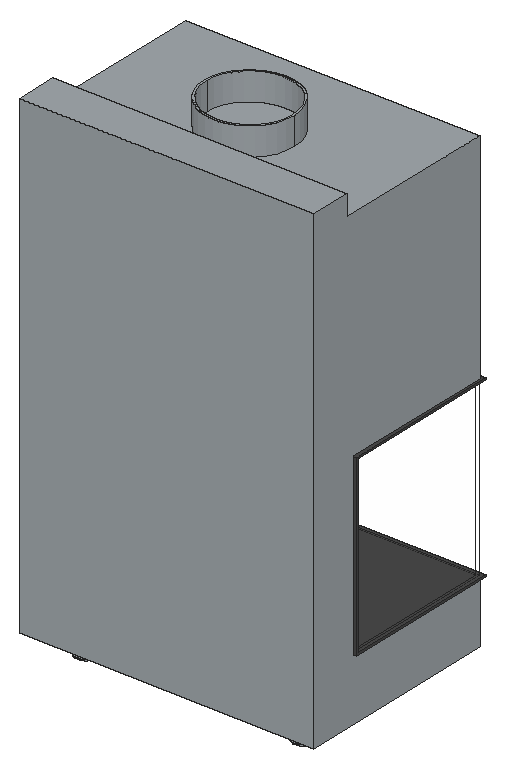
Revit family "METALFIRE_ULTIMATE_D_MF_WHE_3S", category Mechanical Equipment, host Wall, Revit 2017
Family settings
  Host = Wall
  Round Connector Dimension = Use Diameter
  Part Type = Normal
  OmniClass Number = 23.75.00.00
  OmniClass Title = Climate Control (HVAC)
  Always vertical = Yes
  Cut with Voids When Loaded = No
  Shared = No
  Room Calculation Point = Yes
Parameters (values of type "800 x 500 mm")
  WIDTH = 868 mm
  WEIGHT = 320.00 kg
  URL = "https://www.metalfire.eu"
  TECHNICAL SHEET = "https://www.metalfire.eu/en/products/wood-fireplaces/ultime-d"
  SMOKE EXHAUST = "Ø250 mm"
  PRODUCT SHEET = "https://www.archiproducts.com/en/products/metalfire/wood-burning-3-sided-fireplace-ultime-d-3-sided-fireplace_456406"
  PRODUCT CODE = "MF 800-50 WHE 3S"
  OVERALL WIDTH = 868 mm
  OVERALL HEIGHT = 1443 mm
  OVERALL DEPTH = 608 mm
  OUTPUT = 16.0 kW
  Number [instance] = (WIDTH / 20 mm) - 2  # 41
  Model = "Ultime D"
  Manufacturer = "Metalfire"
  MATERIAL DESCRIPTION = "Iron, galvanized steel and vermiculite plates"
  HEIGHT = 504 mm
  FRAME MATERIAL = Iron - Metalfire
  FINISHING MATERIAL = Black painted vermiculite plates - Metalfire
  FINE DUST EMISSION = "10 mg/Nm3"
  ENERGY EFFICIENCY CLASS = "A+"
  EFFICIENCY = 82.00%
  Description = "This generation of room air independent wood fireplaces with liftable door is equipped with a dynamic combustion technique that ensures optimal combustion and high efficiency."
  DEPTH = 461 mm
  CO EMISSION = 0.09%
  BIM USER MANUAL = "https://img.edilportale.com/bim/METALFIRE-BIM-USER-MANUAL-Metalfire-bim.pdf"
  BIM BADGE = "https://bim.archiproducts.com/en/badge/bim-archiproducts-featured_658700/about"
  BIM AUTHOR = "https://bim.archiproducts.com"
Types (2, lengths in mm): name | WIDTH | PRODUCT CODE | OVERALL WIDTH | OUTPUT | Number | FINE DUST EMISSION
  800 x 500 mm | 868 | "MF 800-50 WHE 3S" | 868 | 16.0 kW | 41 | "10 mg/Nm3"
  1050 x 500 mm | 1118 | "MF 1050-50 WHE 3S" | 1118 | 17.0 kW | 54 | "27 mg/Nm3"
Reference planes
  plane 1 "Wall": y = 0
  plane 2 "Center (Left/Right)": x = 0
  plane 3 "Back": y = 400
  plane 4: x = 434
  plane 5: x = -434
  plane 6: z = 245
  plane 7: z = 749
  plane 8: z = 1443
  plane 9: x = -314
  plane 10: x = 314
  plane 11: x = -414
  plane 12: x = -394
Forms (mm)
  Extrusion 1, void
    sketch origin (0, 400, 0) x (1, 0, 0) y (0, 0, 1)
      loop
        line (434, 240) -> (434, 754) -> (-439, 754) -> (-439, 240) -> (434, 240)
    from 0 to 466
  Extrusion 2, void
    sketch origin (0, 0, 0) x (0, 1, 0) y (0, 0, 1)
      loop
        line (390, 1463) -> (-208, 1463) -> (-208, 0) -> (390, 0) -> (390, 1463)
    from -424 to 424
  Extrusion 3, solid, material "Black painted vermiculite plates - Metalfire" <- "FINISHING MATERIAL", detail levels medium+fine
    sketch origin (0, 400, 0) x (1, 0, 0) y (0, 0, 1)
      loop
        line (434, 245) -> (-434, 245) -> (-434, 240) -> (434, 240) -> (434, 245)
      loop
        line (434, 749) -> (434, 754) -> (-434, 754) -> (-434, 749) -> (434, 749)
    from 0 to 466
  Extrusion 4, solid, material "Black painted vermiculite plates - Metalfire" <- "FINISHING MATERIAL", detail levels medium+fine
    sketch origin (-424.5, -1068.817, 4000) x (0, 1, 0) y (0, 0, 1)
      loop
        line (1002.817, -3755) -> (1007.817, -3755) -> (1007.817, -3251) -> (1002.817, -3251) -> (1002.817, -3755)
    from -9.5 to 858.5
  Extrusion 5, solid, material "Iron - Metalfire" <- "FRAME MATERIAL", detail levels fine
    sketch origin (-429.5, -1068.817, 4000) x (0, 1, 0) y (0, 0, 1)
      loop
        line (860.817, -2557) -> (860.817, -3940) -> (980.817, -3940) -> (980.817, -2557) -> (860.817, -2557)
    from 5.5 to 853.5
  Extrusion 6, solid, material "Iron - Metalfire" <- "FRAME MATERIAL", detail levels fine
    sketch origin (-424.5, -1068.817, 4000) x (0, 1, 0) y (0, 0, 1)
      loop
        line (980.817, -3940) -> (1458.817, -3940) -> (1458.817, -3760) -> (1002.817, -3760) -> (1002.817, -3246) -> (1458.817, -3246) -> (1458.817, -2617) -> (980.817, -2617) -> (980.817, -3940)
    from 0.5 to 848.5
  Extrusion 7, solid, material "Iron - Metalfire" <- "FRAME MATERIAL", detail levels fine
    sketch origin (0, 0, 0) x (1, 0, 0) y (0, 1, 0)
      loop
        circle (0, 91) r 125
      loop
        circle (0, 91) r 130
    from 1383 to 1463
  Revolve 8, solid, material "Iron - Metalfire" <- "FRAME MATERIAL", detail levels fine
    sketch origin (-314, -119.985, 4000) x (0, -1, 0) y (0, 0, 1)
      loop
        line (-419.471, -4000) -> (-419.471, -3940) -> (-427.471, -3940) -> (-427.471, -3984) -> (-431.471, -3984) -> (-431.471, -3994) -> (-425.537, -3994) -> (-431.971, -3997) -> (-449.471, -3997) -> (-449.471, -3999) -> (-447.471, -4000) -> (-419.471, -4000)
      axis (-419.471, -4000) -> (-419.471, -3940)
    angle from 0 to 360
  Revolve 9, solid, material "Iron - Metalfire" <- "FRAME MATERIAL", detail levels fine
    sketch origin (-314, -527.456, 4000) x (0, -1, 0) y (0, 0, 1)
      loop
        line (-419.471, -4000) -> (-419.471, -3940) -> (-427.471, -3940) -> (-427.471, -3984) -> (-431.471, -3984) -> (-431.471, -3994) -> (-425.537, -3994) -> (-431.971, -3997) -> (-449.471, -3997) -> (-449.471, -3999) -> (-447.471, -4000) -> (-419.471, -4000)
      axis (-419.471, -4000) -> (-419.471, -3940)
    angle from 0 to 360
  Revolve 10, solid, material "Iron - Metalfire" <- "FRAME MATERIAL", detail levels fine
    sketch origin (314, -119.985, 4000) x (0, -1, 0) y (0, 0, 1)
      loop
        line (-419.471, -4000) -> (-419.471, -3940) -> (-427.471, -3940) -> (-427.471, -3984) -> (-431.471, -3984) -> (-431.471, -3994) -> (-425.537, -3994) -> (-431.971, -3997) -> (-449.471, -3997) -> (-449.471, -3999) -> (-447.471, -4000) -> (-419.471, -4000)
      axis (-419.471, -4000) -> (-419.471, -3940)
    angle from 0 to 360
  Revolve 11, solid, material "Iron - Metalfire" <- "FRAME MATERIAL", detail levels fine
    sketch origin (314, -527.456, 4000) x (0, -1, 0) y (0, 0, 1)
      loop
        line (-419.471, -4000) -> (-419.471, -3940) -> (-427.471, -3940) -> (-427.471, -3984) -> (-431.471, -3984) -> (-431.471, -3994) -> (-425.537, -3994) -> (-431.971, -3997) -> (-449.471, -3997) -> (-449.471, -3999) -> (-447.471, -4000) -> (-419.471, -4000)
      axis (-419.471, -4000) -> (-419.471, -3940)
    angle from 0 to 360
  Extrusion 12, solid, material "Clear Glass - Metalfire", detail levels medium+fine
    sketch origin (0, 0, 0) x (1, 0, 0) y (0, 1, 0)
      loop
        line (-424, 390) -> (-424, -61) -> (-419, -61) -> (-419, 385) -> (419, 385) -> (419, -61) -> (424, -61) -> (424, 390) -> (-424, 390)
    from 245 to 749
Cuts and joins
  joined: Extrusion 3, Extrusion 4
  joined: Extrusion 5, Extrusion 6
Text (mm)
  text "Placement side" at (-1820.995, 1116.779, 0), in view "Ref. Level"
  text "Placement side" at (0, 1334.055, 2976.191), in view "Left"
  text "Placement side" at (0, 439.194, 2944.362), in view "Right"
Dimensions and locks
  locked: plane 3 "Back" to host wall
  equal spacing: plane 5, plane 2 "Center (Left/Right)", plane 4
  "WIDTH": plane 5 to plane 4
  locked: level to plane 6 at 245
  "HEIGHT": plane 6 to plane 7
  locked: Extrusion 3 sketch curve to Extrusion 3 sketch curve at 5  (x2)
  locked: Extrusion 3 to plane 3 "Back" at 466
  locked: Extrusion 4 sketch curve to Extrusion 4 sketch curve at 5
  "OVERALL HEIGHT": level to plane 8
  locked: Extrusion 5 sketch curve to Extrusion 5 sketch curve at 120
  locked: Extrusion 5 sketch curve to level at 60
  locked: Extrusion 5 sketch curve to plane 3 "Back" at 608
  locked: Extrusion 5 to plane 5 at 10
  level to Extrusion 5 = 1443 mm
  locked: plane 4 to Extrusion 5 at 10
  locked: plane 8 to Extrusion 6 sketch curve at 60
  locked: plane 7 to Extrusion 6 sketch curve at 5
  locked: plane 6 to Extrusion 6 sketch curve at 5
  locked: level to Extrusion 6 sketch curve at 60
  Extrusion 6 sketch curve to Extrusion 6 sketch curve to Extrusion 6 sketch curve = 22 mm locked, 456 mm locked
  locked: Extrusion 6 sketch curve to plane 3 "Back" at 10
  locked: Extrusion 7 sketch curve to plane 3 "Back" at 309
  locked: Extrusion 7 to plane 8 at 20
  locked: Revolve 8 sketch curve to plane 3 "Back" at 100.515
  locked: Revolve 9 sketch curve to plane 3 "Back" at 507.985
  locked: plane 5 to plane 9 at 120
  locked: plane 10 to plane 4 at 120
  locked: Revolve 11 sketch curve to plane 3 "Back" at 507.985
  locked: Revolve 10 sketch curve to plane 3 "Back" at 100.515
  plane 5 to plane 11 to plane 12 = 20 mm locked, 20 mm locked
  equal spacing: group 1, group 2, group 3, group 4, group 5, group 6, group 7, group 8, group 9, group 10, group 11, group 12, group 13, group 14, group 15, group 16, group 17, group 18, group 19, group 20, group 21, group 22, group 23, group 24, group 25, group 26, group 27, group 28, group 29, group 30, group 31, group 32, group 33, group 34, group 35, group 36, group 37, group 38, group 39, group 40, group 41  (x3)
  locked: Extrusion 12 sketch curve to Extrusion 12 sketch curve at 5  (x3)
  locked: plane 3 "Back" to Extrusion 12 sketch curve at 15
  aligned and locked: plane 1 "Wall" to host wall
  aligned and locked: Extrusion 1 to plane 3 "Back"
  aligned and locked: Extrusion 2 sketch curve to level
  aligned and locked: plane 6 to Extrusion 3 sketch curve
  aligned and locked: plane 7 to Extrusion 3 sketch curve
  aligned and locked: plane 4 to Extrusion 3 sketch curve
  aligned and locked: Extrusion 3 sketch curve to plane 4
  aligned and locked: Extrusion 3 to plane 3 "Back"
  aligned and locked: plane 7 to Extrusion 4 sketch curve
  aligned and locked: Extrusion 4 sketch curve to plane 6
  aligned and locked: Extrusion 3 to Extrusion 4
  aligned and locked: Extrusion 4 to plane 5
  aligned and locked: plane 4 to Extrusion 4
  aligned and locked: plane 4 to Extrusion 1 sketch curve
  aligned and locked: Extrusion 1 to cut or joined group of Extrusion 3, Extrusion 4
  aligned and locked: Extrusion 5 sketch curve to plane 8
  aligned and locked: Extrusion 6 sketch curve to Extrusion 6 sketch curve
  aligned and locked: Extrusion 5 to Extrusion 6
  aligned and locked: plane 2 "Center (Left/Right)" to Extrusion 7 sketch curve
  aligned and locked: Extrusion 7 to cut or joined group of Extrusion 5, Extrusion 6
  aligned and locked: Extrusion 2 sketch curve to Extrusion 7
  aligned and locked: Extrusion 2 sketch curve to cut or joined group of Extrusion 5, Extrusion 6  (x2)
  aligned and locked: Revolve 8 sketch curve to Revolve 8 sketch curve
  aligned and locked: Revolve 9 sketch curve to Revolve 9 sketch curve
  aligned and locked: Revolve 10 sketch curve to Revolve 10 sketch curve
  aligned and locked: Revolve 11 sketch curve to Revolve 11 sketch curve
  aligned and locked: nested 1 to plane 11  (x2)
  aligned and locked: nested 1 to cut or joined group of Extrusion 3, Extrusion 4  (x2)
  aligned and locked: nested 2 to plane 12  (x2)
  aligned and locked: nested 1 to plane 6
  aligned and locked: cut or joined group of Extrusion 3, Extrusion 4 to Extrusion 12 sketch curve
  aligned and locked: Extrusion 12 sketch curve to cut or joined group of Extrusion 5, Extrusion 6  (x2)
  aligned and locked: Extrusion 12 to plane 6
  aligned and locked: plane 7 to Extrusion 12
  aligned and locked: nested 2 to cut or joined group of Extrusion 3, Extrusion 4
  aligned and locked: Extrusion 6 to Extrusion 5
  aligned and locked: plane 5 to Extrusion 3 sketch curve
  aligned and locked: cut or joined group of Extrusion 3, Extrusion 4 to plane 5
  aligned and locked: Extrusion 12 sketch curve to cut or joined group of Extrusion 3, Extrusion 4
  aligned and locked: nested 42 to cut or joined group of Extrusion 3, Extrusion 4
  aligned and locked: nested 42 to cut or joined group of Extrusion 5, Extrusion 6  (x2)
  aligned and locked: Extrusion 2 to cut or joined group of Extrusion 5, Extrusion 6  (x2)
Automatic sketch dimensions
  Extrusion 1 sketch curve to plane 5 = 5 mm
  Extrusion 1 sketch curve to plane 6 = 5 mm
  plane 7 to Extrusion 1 sketch curve = 5 mm
  Extrusion 3 sketch curve to plane 5 = 0 mm
  host wall to Extrusion 4 sketch curve = 66 mm
  Extrusion 7 sketch curve to Extrusion 7 sketch curve = 0 mm  (x2)
  level to Revolve 8 sketch curve = 0 mm
  Revolve 8 sketch curve to Revolve 8 sketch curve = 6.066 mm
  Revolve 8 sketch curve to Revolve 8 sketch curve = 8 mm
  Revolve 8 sketch curve to Revolve 8 sketch curve = 5.934 mm
  level to Revolve 8 sketch curve = 3 mm
  Revolve 8 sketch curve to Revolve 8 sketch curve = 0.5 mm
  Revolve 8 sketch curve to Revolve 8 sketch curve = 15.5 mm
  level to Revolve 8 sketch curve = 1 mm
  Revolve 8 sketch curve to Revolve 8 sketch curve = 2 mm
  Revolve 8 sketch curve to Revolve 8 sketch curve = 3 mm
  Revolve 8 sketch curve to Revolve 8 sketch curve = 10 mm
  Revolve 8 sketch curve to Revolve 8 sketch curve = 44 mm
  Revolve 8 sketch curve to Revolve 8 sketch curve = 28.764 mm
  Revolve 8 sketch curve to Revolve 8 sketch curve = 71.236 mm
  level to Revolve 9 sketch curve = 0 mm
  Revolve 9 sketch curve to Revolve 9 sketch curve = 6.066 mm
  Revolve 9 sketch curve to Revolve 9 sketch curve = 8 mm
  Revolve 9 sketch curve to Revolve 9 sketch curve = 5.934 mm
  level to Revolve 9 sketch curve = 3 mm
  Revolve 9 sketch curve to Revolve 9 sketch curve = 0.5 mm
  Revolve 9 sketch curve to Revolve 9 sketch curve = 15.5 mm
  level to Revolve 9 sketch curve = 1 mm
  Revolve 9 sketch curve to Revolve 9 sketch curve = 2 mm
  Revolve 9 sketch curve to Revolve 9 sketch curve = 3 mm
  Revolve 9 sketch curve to Revolve 9 sketch curve = 10 mm
  Revolve 9 sketch curve to Revolve 9 sketch curve = 44 mm
  Revolve 9 sketch curve to Revolve 9 sketch curve = 28.764 mm
  Revolve 9 sketch curve to Revolve 9 sketch curve = 71.236 mm
  Revolve 10 sketch curve to level = 0 mm
  Revolve 10 sketch curve to Revolve 10 sketch curve = 6.066 mm
  Revolve 10 sketch curve to Revolve 10 sketch curve = 8 mm
  Revolve 10 sketch curve to Revolve 10 sketch curve = 5.934 mm
  Revolve 10 sketch curve to level = 3 mm
  Revolve 10 sketch curve to Revolve 10 sketch curve = 0.5 mm
  Revolve 10 sketch curve to Revolve 10 sketch curve = 15.5 mm
  Revolve 10 sketch curve to level = 1 mm
  Revolve 10 sketch curve to Revolve 10 sketch curve = 2 mm
  Revolve 10 sketch curve to Revolve 10 sketch curve = 3 mm
  Revolve 10 sketch curve to Revolve 10 sketch curve = 10 mm
  Revolve 10 sketch curve to Revolve 10 sketch curve = 44 mm
  Revolve 10 sketch curve to Revolve 10 sketch curve = 28.764 mm
  Revolve 10 sketch curve to Revolve 10 sketch curve = 71.236 mm
  Revolve 11 sketch curve to level = 0 mm
  Revolve 11 sketch curve to Revolve 11 sketch curve = 6.066 mm
  Revolve 11 sketch curve to Revolve 11 sketch curve = 8 mm
  Revolve 11 sketch curve to Revolve 11 sketch curve = 5.934 mm
  Revolve 11 sketch curve to level = 3 mm
  Revolve 11 sketch curve to Revolve 11 sketch curve = 0.5 mm
  Revolve 11 sketch curve to Revolve 11 sketch curve = 15.5 mm
  Revolve 11 sketch curve to level = 1 mm
  Revolve 11 sketch curve to Revolve 11 sketch curve = 2 mm
  Revolve 11 sketch curve to Revolve 11 sketch curve = 3 mm
  Revolve 11 sketch curve to Revolve 11 sketch curve = 10 mm
  Revolve 11 sketch curve to Revolve 11 sketch curve = 44 mm
  Revolve 11 sketch curve to Revolve 11 sketch curve = 28.764 mm
  Revolve 11 sketch curve to Revolve 11 sketch curve = 71.236 mm
  radius of Extrusion 7 sketch curve = 125 mm
  radius of Extrusion 7 sketch curve = 130 mm
Nested families
  nested 1: "Element" at (-414, -61, 245) x (0, -1, 0) z (0, 0, 1), Height <- "HEIGHT", Material <- "FINISHING MATERIAL", type "Element", detail levels fine
    with Material Black painted vermiculite plates - Metalfire, Height 504 mm
  nested 2: "Element" at (-394, -61, 245) x (0, -1, 0) z (0, 0, 1), Height <- "HEIGHT", Material <- "FINISHING MATERIAL", type "Element", detail levels fine
    with Material Black painted vermiculite plates - Metalfire, Height 504 mm
  nested 3: "Element" at (-374, -61, 245) x (0, -1, 0) z (0, 0, 1), Height <- "HEIGHT", Material <- "FINISHING MATERIAL", type "Element", detail levels fine
    with Material Black painted vermiculite plates - Metalfire, Height 504 mm
  nested 4: "Element" at (-354, -61, 245) x (0, -1, 0) z (0, 0, 1), Height <- "HEIGHT", Material <- "FINISHING MATERIAL", type "Element", detail levels fine
    with Material Black painted vermiculite plates - Metalfire, Height 504 mm
  nested 5: "Element" at (-334, -61, 245) x (0, -1, 0) z (0, 0, 1), Height <- "HEIGHT", Material <- "FINISHING MATERIAL", type "Element", detail levels fine
    with Material Black painted vermiculite plates - Metalfire, Height 504 mm
  nested 6: "Element" at (-314, -61, 245) x (0, -1, 0) z (0, 0, 1), Height <- "HEIGHT", Material <- "FINISHING MATERIAL", type "Element", detail levels fine
    with Material Black painted vermiculite plates - Metalfire, Height 504 mm
  nested 7: "Element" at (-294, -61, 245) x (0, -1, 0) z (0, 0, 1), Height <- "HEIGHT", Material <- "FINISHING MATERIAL", type "Element", detail levels fine
    with Material Black painted vermiculite plates - Metalfire, Height 504 mm
  nested 8: "Element" at (-274, -61, 245) x (0, -1, 0) z (0, 0, 1), Height <- "HEIGHT", Material <- "FINISHING MATERIAL", type "Element", detail levels fine
    with Material Black painted vermiculite plates - Metalfire, Height 504 mm
  nested 9: "Element" at (-254, -61, 245) x (0, -1, 0) z (0, 0, 1), Height <- "HEIGHT", Material <- "FINISHING MATERIAL", type "Element", detail levels fine
    with Material Black painted vermiculite plates - Metalfire, Height 504 mm
  nested 10: "Element" at (-234, -61, 245) x (0, -1, 0) z (0, 0, 1), Height <- "HEIGHT", Material <- "FINISHING MATERIAL", type "Element", detail levels fine
    with Material Black painted vermiculite plates - Metalfire, Height 504 mm
  nested 11: "Element" at (-214, -61, 245) x (0, -1, 0) z (0, 0, 1), Height <- "HEIGHT", Material <- "FINISHING MATERIAL", type "Element", detail levels fine
    with Material Black painted vermiculite plates - Metalfire, Height 504 mm
  nested 12: "Element" at (-194, -61, 245) x (0, -1, 0) z (0, 0, 1), Height <- "HEIGHT", Material <- "FINISHING MATERIAL", type "Element", detail levels fine
    with Material Black painted vermiculite plates - Metalfire, Height 504 mm
  nested 13: "Element" at (-174, -61, 245) x (0, -1, 0) z (0, 0, 1), Height <- "HEIGHT", Material <- "FINISHING MATERIAL", type "Element", detail levels fine
    with Material Black painted vermiculite plates - Metalfire, Height 504 mm
  nested 14: "Element" at (-154, -61, 245) x (0, -1, 0) z (0, 0, 1), Height <- "HEIGHT", Material <- "FINISHING MATERIAL", type "Element", detail levels fine
    with Material Black painted vermiculite plates - Metalfire, Height 504 mm
  nested 15: "Element" at (-134, -61, 245) x (0, -1, 0) z (0, 0, 1), Height <- "HEIGHT", Material <- "FINISHING MATERIAL", type "Element", detail levels fine
    with Material Black painted vermiculite plates - Metalfire, Height 504 mm
  nested 16: "Element" at (-114, -61, 245) x (0, -1, 0) z (0, 0, 1), Height <- "HEIGHT", Material <- "FINISHING MATERIAL", type "Element", detail levels fine
    with Material Black painted vermiculite plates - Metalfire, Height 504 mm
  nested 17: "Element" at (-94, -61, 245) x (0, -1, 0) z (0, 0, 1), Height <- "HEIGHT", Material <- "FINISHING MATERIAL", type "Element", detail levels fine
    with Material Black painted vermiculite plates - Metalfire, Height 504 mm
  nested 18: "Element" at (-74, -61, 245) x (0, -1, 0) z (0, 0, 1), Height <- "HEIGHT", Material <- "FINISHING MATERIAL", type "Element", detail levels fine
    with Material Black painted vermiculite plates - Metalfire, Height 504 mm
  nested 19: "Element" at (-54, -61, 245) x (0, -1, 0) z (0, 0, 1), Height <- "HEIGHT", Material <- "FINISHING MATERIAL", type "Element", detail levels fine
    with Material Black painted vermiculite plates - Metalfire, Height 504 mm
  nested 20: "Element" at (-34, -61, 245) x (0, -1, 0) z (0, 0, 1), Height <- "HEIGHT", Material <- "FINISHING MATERIAL", type "Element", detail levels fine
    with Material Black painted vermiculite plates - Metalfire, Height 504 mm
  nested 21: "Element" at (-14, -61, 245) x (0, -1, 0) z (0, 0, 1), Height <- "HEIGHT", Material <- "FINISHING MATERIAL", type "Element", detail levels fine
    with Material Black painted vermiculite plates - Metalfire, Height 504 mm
  nested 22: "Element" at (6, -61, 245) x (0, -1, 0) z (0, 0, 1), Height <- "HEIGHT", Material <- "FINISHING MATERIAL", type "Element", detail levels fine
    with Material Black painted vermiculite plates - Metalfire, Height 504 mm
  nested 23: "Element" at (26, -61, 245) x (0, -1, 0) z (0, 0, 1), Height <- "HEIGHT", Material <- "FINISHING MATERIAL", type "Element", detail levels fine
    with Material Black painted vermiculite plates - Metalfire, Height 504 mm
  nested 24: "Element" at (46, -61, 245) x (0, -1, 0) z (0, 0, 1), Height <- "HEIGHT", Material <- "FINISHING MATERIAL", type "Element", detail levels fine
    with Material Black painted vermiculite plates - Metalfire, Height 504 mm
  nested 25: "Element" at (66, -61, 245) x (0, -1, 0) z (0, 0, 1), Height <- "HEIGHT", Material <- "FINISHING MATERIAL", type "Element", detail levels fine
    with Material Black painted vermiculite plates - Metalfire, Height 504 mm
  nested 26: "Element" at (86, -61, 245) x (0, -1, 0) z (0, 0, 1), Height <- "HEIGHT", Material <- "FINISHING MATERIAL", type "Element", detail levels fine
    with Material Black painted vermiculite plates - Metalfire, Height 504 mm
  nested 27: "Element" at (106, -61, 245) x (0, -1, 0) z (0, 0, 1), Height <- "HEIGHT", Material <- "FINISHING MATERIAL", type "Element", detail levels fine
    with Material Black painted vermiculite plates - Metalfire, Height 504 mm
  nested 28: "Element" at (126, -61, 245) x (0, -1, 0) z (0, 0, 1), Height <- "HEIGHT", Material <- "FINISHING MATERIAL", type "Element", detail levels fine
    with Material Black painted vermiculite plates - Metalfire, Height 504 mm
  nested 29: "Element" at (146, -61, 245) x (0, -1, 0) z (0, 0, 1), Height <- "HEIGHT", Material <- "FINISHING MATERIAL", type "Element", detail levels fine
    with Material Black painted vermiculite plates - Metalfire, Height 504 mm
  nested 30: "Element" at (166, -61, 245) x (0, -1, 0) z (0, 0, 1), Height <- "HEIGHT", Material <- "FINISHING MATERIAL", type "Element", detail levels fine
    with Material Black painted vermiculite plates - Metalfire, Height 504 mm
  nested 31: "Element" at (186, -61, 245) x (0, -1, 0) z (0, 0, 1), Height <- "HEIGHT", Material <- "FINISHING MATERIAL", type "Element", detail levels fine
    with Material Black painted vermiculite plates - Metalfire, Height 504 mm
  nested 32: "Element" at (206, -61, 245) x (0, -1, 0) z (0, 0, 1), Height <- "HEIGHT", Material <- "FINISHING MATERIAL", type "Element", detail levels fine
    with Material Black painted vermiculite plates - Metalfire, Height 504 mm
  nested 33: "Element" at (226, -61, 245) x (0, -1, 0) z (0, 0, 1), Height <- "HEIGHT", Material <- "FINISHING MATERIAL", type "Element", detail levels fine
    with Material Black painted vermiculite plates - Metalfire, Height 504 mm
  nested 34: "Element" at (246, -61, 245) x (0, -1, 0) z (0, 0, 1), Height <- "HEIGHT", Material <- "FINISHING MATERIAL", type "Element", detail levels fine
    with Material Black painted vermiculite plates - Metalfire, Height 504 mm
  nested 35: "Element" at (266, -61, 245) x (0, -1, 0) z (0, 0, 1), Height <- "HEIGHT", Material <- "FINISHING MATERIAL", type "Element", detail levels fine
    with Material Black painted vermiculite plates - Metalfire, Height 504 mm
  nested 36: "Element" at (286, -61, 245) x (0, -1, 0) z (0, 0, 1), Height <- "HEIGHT", Material <- "FINISHING MATERIAL", type "Element", detail levels fine
    with Material Black painted vermiculite plates - Metalfire, Height 504 mm
  nested 37: "Element" at (306, -61, 245) x (0, -1, 0) z (0, 0, 1), Height <- "HEIGHT", Material <- "FINISHING MATERIAL", type "Element", detail levels fine
    with Material Black painted vermiculite plates - Metalfire, Height 504 mm
  nested 38: "Element" at (326, -61, 245) x (0, -1, 0) z (0, 0, 1), Height <- "HEIGHT", Material <- "FINISHING MATERIAL", type "Element", detail levels fine
    with Material Black painted vermiculite plates - Metalfire, Height 504 mm
  nested 39: "Element" at (346, -61, 245) x (0, -1, 0) z (0, 0, 1), Height <- "HEIGHT", Material <- "FINISHING MATERIAL", type "Element", detail levels fine
    with Material Black painted vermiculite plates - Metalfire, Height 504 mm
  nested 40: "Element" at (366, -61, 245) x (0, -1, 0) z (0, 0, 1), Height <- "HEIGHT", Material <- "FINISHING MATERIAL", type "Element", detail levels fine
    with Material Black painted vermiculite plates - Metalfire, Height 504 mm
  nested 41: "Element" at (386, -61, 245) x (0, -1, 0) z (0, 0, 1), Height <- "HEIGHT", Material <- "FINISHING MATERIAL", type "Element", detail levels fine
    with Material Black painted vermiculite plates - Metalfire, Height 504 mm
  nested 42: "FIREPLACE_SYMBOL_detail item" at (0, 91, 0), WIDTH <- "WIDTH", type "FIREPLACE_SYMBOL_detail item", detail levels coarse
    with WIDTH 868 mm, HEIGHT 598 mm
Connectors
  piping at (0, 91, 1383), diameter 250
    settings: on Extrusion 7, index 1, connector inside diameter 609.6 mm, connector length 0 mm, flow factor 0, pipe flow 0.0 L/s, pressure drop 0.0 Pa, fitting loss kfactor 0, connector angle 0.00°, fixture units 0, engagement length 0 mm, angle of deflection 0.00°, flow configuration 1, flow direction 2, fitting loss method 0, system type 22, joint type 0, gender type 0, connector reference index -1, connector utility 0, adjustable connector no, is connector primary yes, connector description ""
Definition of nested family "Element"
  Parameters (values of type "Element")
    Material [instance] = none
    Height [instance] = 310 mm
  Reference planes
    plane 1 "Center (Front/Back)": y = 0
    plane 2: z = 0
    plane 3 "Center (Left/Right)": x = 0
    plane 4: z = 310
  Forms (mm)
    Extrusion 1, solid, material <- "Material"
      sketch origin (0, 0, 0) x (1, 0, 0) y (0, 1, 0)
        loop
          line (-10, 0) -> (0, 0) -> (0, 10) -> (-10, 10) -> (-10, 0)
      from 0 to 310
  Dimensions and locks
    locked: Extrusion 1 sketch curve to Extrusion 1 sketch curve at 10  (x2)
    "Height": plane 4 to plane 2
    aligned and locked: level to plane 2
    aligned and locked: plane 1 "Center (Front/Back)" to Extrusion 1 sketch curve
    aligned and locked: plane 3 "Center (Left/Right)" to Extrusion 1 sketch curve
    aligned and locked: plane 4 to Extrusion 1
    aligned and locked: Extrusion 1 to plane 2
Definition of nested family "FIREPLACE_SYMBOL_detail item"
  Parameters (values of type "FIREPLACE_SYMBOL_detail item")
    WIDTH [instance] = 500 mm
    HEIGHT [instance] = 500 mm
  Reference planes
    plane 1 "Center (Front/Back)": y = 0
    plane 2: z = 0
    plane 3 "Center (Left/Right)": x = 0
    plane 4: x = 250
    plane 5: x = -250
    plane 6: y = 250
    plane 7: y = -250
  Lines and regions (mm)
    Filled region 1, type "Concrete", in view "Ref. Level"
      outline origin (-246.617, 90, 0) x (1, 0, 0) y (0, 1, 0)
        loop
          line (-3.383, -340) -> (496.617, -340) -> (496.617, 160) -> (-3.383, -340)
    detail lines, in view "Ref. Level"
      curve 1: line (-250, 250, 0) -> (250, 250, 0)
      curve 2: line (-250, -250, 0) -> (-250, 250, 0)
      curve 3: line (250, -250, 0) -> (-250, -250, 0)
      curve 4: line (250, 250, 0) -> (250, -250, 0)
  Dimensions and locks
    equal spacing: plane 5, plane 3 "Center (Left/Right)", plane 4
    equal spacing: plane 7, plane 1 "Center (Front/Back)", plane 6
    "WIDTH": plane 5 to plane 4
    "HEIGHT": plane 7 to plane 6
    aligned and locked: plane 6 to curve 1
    aligned and locked: plane 5 to curve 2
    aligned and locked: curve 3 to plane 7
    aligned and locked: curve 4 to plane 4
    aligned and locked: plane 6 to Filled region 1 sketch curve
    aligned and locked: plane 5 to Filled region 1 sketch curve
    aligned and locked: Filled region 1 sketch curve to plane 4
    aligned and locked: plane 7 to Filled region 1 sketch curve
